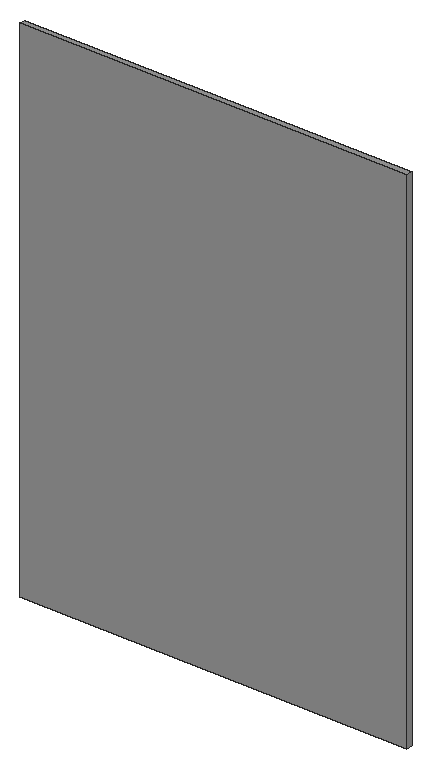
Revit family "Steni - Panel - Nature Type C", category Generic Models, Revit 2014
Parameters (values of type "SN 140")
  Youtube clip = ""
  Width [instance] = 900 mm
  Weight Net (kg) = "Apprx. 18 Kg/m²"
  Water Absorbtion After 28 days = "<1.5 %"
  WarrantyStartDate = ""
  WarrantyDuration = ""
  Uniclass 2.0 Description = ""
  Uniclass 2.0 Code = ""
  Uniclass 1.4 Description = "Facades and roofs"
  Uniclass 1.4 Code = "L381"
  URL = "http://steni.bimobject.com/sn140"
  UNSPC code = 301518
  UNSPC Category = "Siding and exterior wall materials"
  TypeName = ""
  Type Of Aggregate = "SEE SPEC."
  Thickness 2 = "Apprx. 14 ,mm"
  Optimization Group [instance] = ""
  IsVerticalLath [instance] = yes
  Height [instance] = 1195 mm
  Drilling Code [instance] = ""
  Depth [instance] = 14 mm  # constant formula
  Tensile Strength = "15 N/mm²"
  Temperature Expansion (-20° +65°) = "0.021 mm/m°C"
  Technical description = "http://steni.no/resources/pdf/fdv-dokumenter/nature/Teknisk_data_nature_G_2011.pdf"
  TagNumber = ""
  Standard Width = 1195 mm  # constant formula
  Standard Length = 3500 mm  # constant formula
  Size Of Aggregate Particle = "5-8mm"
  Size = ""
  SerialNumber = ""
  Riverse Side = "PLANE"
  Product identifier = ""
  Product group = "Coarse"
  Product family = "Steni Nature"
  Product data url = "http://steni.com/en/pro/products/exterior/steni_nature"
  Product certification = "http://steni.co.uk/uk/resources/pdf/approvals/Approvals-STENI_AA000_EN_1015.pdf"
  Product SKU = "SN140"
  Penetration Of Water Vapour = "3,3 X 10-12 Kg/m²sPa"
  NominalWidth = "3500"
  NominalHeight = "1195"
  No Damage = "300 CYCLE"
  Name of the object = "Steni - Panel - Nature Type C"
  NBS Reference Description = ""
  NBS Reference = ""
  Model = "Steni - Panel - Nature Type C"
  Material main = Steni - Nature SN140
  Material = ""
  Manufacturer country = "Norway"
  Manufacturer URL = "www.steni.com"
  Manufacturer = "Steni"
  InstallationDate = ""
  Installation instructions = "http://steni.com/en/pro/documentation/fixing-system"
  Impermeability = "100%"
  Impact Strength = "20 KJ / m 2"
  IFC Classification = "Covering"
  Humidity Altered Dimension = "5.2 X 106 m/m x%RF"
  Heat Resistance = "0.0074 m²°C/W"
  Heat Conductivity = "0.55 W/m°C"
  Hardness Of Aggregate = "SEE SPEC."
  Grade = ""
  Flexural Strength = "40 MPa"
  Finish = ""
  Features = ""
  Extidentifier = ""
  Elasticity Module = "5000 MPa"
  Edition number = "1"
  Edge Straightness Full Size = "1 mm"
  EAN code = ""
  Drilling Distance Tolerance = "± 5 mm"
  Diagonal Deviation = "3 mm"
  Design country = "Norway"
  Density = "Apprx. 2000 Kg/m³"
  Date of publishing = ""
  Created on = ""
  Created by = ""
  ConnectionType = ""
  Colour = ""
  COBIe Type Category = ""
  Barcode = ""
  BIMobject QR code url = "http://steni.bimobject.com/sn140"
  BIMobject Category = "Cladding"
  AssetIdentifier = ""
  Article Number = ""
  Allowable Variation = "± 2 mm"
  AccessibilityPerformance = ""
Types (3, lengths in mm): name | URL | Product SKU | Material main | BIMobject QR code url
  SN 140 | "http://steni.bimobject.com/sn140" | "SN140" | Steni - Nature SN140 | "http://steni.bimobject.com/sn140"
  SN 117 | "http://steni.bimobject.com/sn117" | "SN117" | Steni - Nature SN117 | "http://steni.bimobject.com/sn117"
  SN 100 | "http://steni.bimobject.com/sn100" | "SN100" | Steni - Nature SN100 | "http://steni.bimobject.com/sn100"
Reference planes
  plane 1 "Center (Front/Back)": y = 0
  plane 2: z = 0
  plane 3 "Center (Left/Right)": x = 0
  plane 4: z = 1195
Forms (mm)
  Extrusion 1, solid, material "Steni - Nature SN140" <- "Material main"
    sketch origin (0, 0, 0) x (1, 0, 0) y (0, 1, 0)
      loop
        line (0, -14) -> (900, -14) -> (900, 0) -> (0, 0) -> (0, -14)
    from 0 to 1195
Dimensions and locks
  "Depth": Extrusion 1 sketch curve to Extrusion 1 sketch curve
  "Width": Extrusion 1 sketch curve to Extrusion 1 sketch curve
  "Height": plane 4 to level
  aligned and locked: level to plane 2
  aligned and locked: Extrusion 1 to level
  aligned and locked: Extrusion 1 to plane 4
  aligned and locked: plane 3 "Center (Left/Right)" to Extrusion 1 sketch curve
  aligned and locked: plane 1 "Center (Front/Back)" to Extrusion 1 sketch curve
